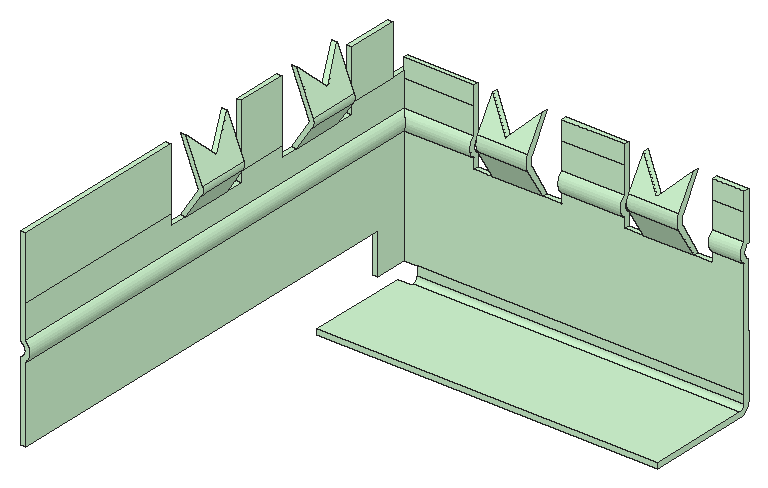
Revit family "20etlcioss_h8-el3520_right", category 機械設備, Revit 2022
Family settings
  丸型コネクタ寸法 = 直径を使用
  種別 = なし
  パーツ タイプ = 標準
  作業面ベース = いいえ
  常に垂直 = はい
  ロード時にボイドで切り取り = いいえ
  注釈の向きを維持 = いいえ
  共有 = いいえ
  部屋計算ポイント = いいえ
Parameters
  製造元 = "株式会社桐井製作所"
  既定の高さ = 0 mm
  URL = "https://www.kirii.co.jp/"
  K_材質 = "溶融亜鉛めっき鋼板及び鋼帯 SGCC 一般用"
  K_品名 = "20eTLクロス右 H=8-eL3520(ツメ)"
  K_名称 = "eTLクロス"
  K_入数 = "250"
  K_備考 = "対象Tバー:eT4015、eY4815　対象Lバー:eL3520(20面)"
  K_バージョン情報 = "20220411"
  K_めっき付着量 = "Z12"
  K_JIS規格 = "JIS G 3302"
Reference planes
  plane 1 "中心(正面/背面)": y = 0
  plane 2: z = 0
  plane 3 "中心(左/右)": x = 0
Forms (mm)
  Extrusion 1, solid
    sketch origin (0, 0, 0) x (0, 1, 0) y (0, 0, -1)
      loop
        line (-1.6, 0) -> (-18, 0) -> (-18, -0.8) -> (-1.6, -0.8)
        arc (-1.6, -0.8) -> (-1.034, -1.034) -> (-0.8, -1.6) r 0.8
        line (-0.8, -1.6) -> (-0.8, -3) -> (-0.8, -21.531)
        arc (-0.8, -21.531) -> (-1.6, -23.131) -> (-0.8, -24.731) r 2
        line (-0.8, -24.731) -> (-0.8, -29) -> (-0.8, -32) -> (0, -32) -> (0, -24.263)
        arc (0, -24.263) -> (-0.8, -23.131) -> (0, -22) r 1.2
        line (0, -22) -> (0, -1.6)
        arc (0, -1.6) -> (-0.469, -0.469) -> (-1.6, 0) r 1.6
    from -55 to -0.8
  Extrusion 2, solid
    sketch origin (0, 0, -1.531) x (0, 1, 0) y (0, 0, -1)
      loop
        arc (-3.075, -28.319) -> (-3.298, -27.531) -> (-3.075, -26.744) r 1.5
        line (-3.075, -26.744) -> (0, -21.531) -> (-0.8, -21.531) -> (-3.756, -26.324)
        arc (-3.756, -26.324) -> (-4.098, -27.531) -> (-3.756, -28.739) r 2.3
        line (-3.756, -28.739) -> (-0.8, -33.531) -> (0, -33.531) -> (-3.075, -28.319)
    from -23 to -15
  Extrusion 3, void
    sketch origin (0, 0, 0) x (1, 0, 0) y (0, 0, -1)
      loop
        line (19, -28) -> (15, -32) -> (23, -32) -> (19, -28)
    from -3.407 to 0
  Extrusion 4, solid
    sketch origin (24, 0, -1.531) x (0, 1, 0) y (0, 0, -1)
      loop
        arc (-3.075, -28.319) -> (-3.298, -27.531) -> (-3.075, -26.744) r 1.5
        line (-3.075, -26.744) -> (0, -21.531) -> (-0.8, -21.531) -> (-3.756, -26.324)
        arc (-3.756, -26.324) -> (-4.098, -27.531) -> (-3.756, -28.739) r 2.3
        line (-3.756, -28.739) -> (-0.8, -33.531) -> (0, -33.531) -> (-3.075, -28.319)
    from -23 to -15
  Extrusion 5, void
    sketch origin (24, 0, 0) x (1, 0, 0) y (0, 0, -1)
      loop
        line (19, -28) -> (15, -32) -> (23, -32) -> (19, -28)
    from -3.407 to 0
  Extrusion 6, void
    sketch origin (0, 0, 0) x (1, 0, 0) y (0, 0, 1)
      loop
        line (0, 3) -> (0, 0) -> (3, 0) -> (3, 3) -> (0, 3)
    from 0 to 1.927
  Extrusion 7, solid
    sketch origin (0, 0, 0) x (1, 0, 0) y (0, 0, 1)
      loop
        line (0.8, 40) -> (0, 40) -> (0, 24.263)
        arc (0, 24.263) -> (0.8, 23.131) -> (0, 22) r 1.2
        line (0, 22) -> (0, 3) -> (0.8, 3) -> (0.8, 21.531)
        arc (0.8, 21.531) -> (1.6, 23.131) -> (0.8, 24.731) r 2
        line (0.8, 24.731) -> (0.8, 30) -> (0.8, 40)
    from 0 to 76
  Extrusion 8, void
    sketch origin (0, 0, 0) x (0, 1, 0) y (0, 0, 1)
      loop
        line (0, 30) -> (0, 40) -> (-25, 40) -> (-25, 28.295) -> (-11, 28.295) -> (-11, 37.953) -> (-3, 37.953) -> (-3, 30) -> (0, 30)
      loop
        line (-33, 40) -> (-47, 40) -> (-47, 28.295) -> (-33, 28.295) -> (-33, 40)
    from 0 to 0.8
  Extrusion 9, solid
    sketch origin (0, 0, 0) x (1, 0, 0) y (0, 0, -1)
      loop
        arc (3.49, -33.491) -> (3.564, -32.769) -> (3.311, -32.089) r 1.6
        line (3.311, -32.089) -> (0.8, -28.295) -> (0, -28.295) -> (2.861, -32.86) -> (0, -39.953) -> (0.8, -39.953) -> (3.49, -33.491)
    from -22 to -14
  Extrusion 10, void
    sketch origin (0, 0, 0) x (0, 1, 0) y (0, 0, -1)
      loop
        line (-14, -39.953) -> (-18, -35.953) -> (-22, -39.953) -> (-14, -39.953)
    from -2.514 to 0
  Extrusion 11, solid
    sketch origin (0, -22, 0) x (1, 0, 0) y (0, 0, -1)
      loop
        arc (3.49, -33.491) -> (3.564, -32.769) -> (3.311, -32.089) r 1.6
        line (3.311, -32.089) -> (0.8, -28.295) -> (0, -28.295) -> (2.861, -32.86) -> (0, -39.953) -> (0.8, -39.953) -> (3.49, -33.491)
    from -22 to -14
  Extrusion 12, void
    sketch origin (0, -22, 0) x (0, 1, 0) y (0, 0, -1)
      loop
        line (-14, -39.953) -> (-18, -35.953) -> (-22, -39.953) -> (-14, -39.953)
    from -2.514 to 0
  Extrusion 13, void
    sketch origin (0, 0, 0) x (0, 1, 0) y (0, 0, 1)
      loop
        line (-76, 9.5) -> (-76, 3) -> (-6, 3) -> (-6, 9.5) -> (-76, 9.5)
    from 0 to 0.8
  Extrusion 14, void
    sketch origin (0, 0, 0) x (0, 1, 0) y (0, 0, 1)
      loop
        line (0, 32) -> (-0.8, 32) -> (-0.8, 24.731)
        arc (-0.8, 24.731) -> (-1.6, 23.131) -> (-0.8, 21.531) r 2
        line (-0.8, 21.531) -> (-0.8, 20) -> (0, 20) -> (0, 22)
        arc (0, 22) -> (-0.8, 23.131) -> (0, 24.263) r 1.2
        line (0, 24.263) -> (0, 32)
    from 36 to 50
  Extrusion 15, void
    sketch origin (-24, 0, 0) x (0, 1, 0) y (0, 0, 1)
      loop
        line (0, 32) -> (-0.8, 32) -> (-0.8, 24.731)
        arc (-0.8, 24.731) -> (-1.6, 23.131) -> (-0.8, 21.531) r 2
        line (-0.8, 21.531) -> (-0.8, 20) -> (0, 20) -> (0, 22)
        arc (0, 22) -> (-0.8, 23.131) -> (0, 24.263) r 1.2
        line (0, 24.263) -> (0, 32)
    from 36 to 50
  Extrusion 16, void
    sketch origin (0, 0, 0) x (0, 1, 0) y (0, 0, 1)
      loop
        arc (0, 24.263) -> (-0.8, 23.131) -> (0, 22) r 1.2
        line (0, 22) -> (0, 24.263)
    from 0 to 1.718
Cuts and joins
  Extrusion 6, Extrusion 8, Extrusion 13, Extrusion 14, Extrusion 15 cuts Extrusion 1
  Extrusion 3 cuts Extrusion 2
  Extrusion 5, Extrusion 15 cuts Extrusion 4
  Extrusion 8, Extrusion 13, Extrusion 15, Extrusion 16 cuts Extrusion 7
  Extrusion 10, Extrusion 13, Extrusion 15 cuts Extrusion 9
  Extrusion 12, Extrusion 13, Extrusion 15 cuts Extrusion 11
  joined: Extrusion 1, Extrusion 2, Extrusion 4, Extrusion 7, Extrusion 9, Extrusion 11
Dimensions and locks
  aligned and locked: level to plane 2
  aligned and locked: Extrusion 1 to Extrusion 7
